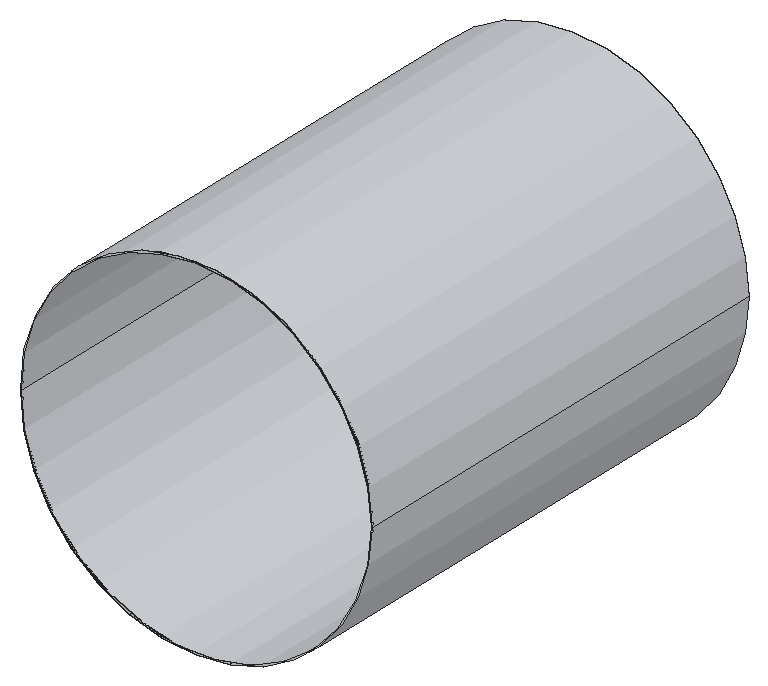
Revit family "LoadingAI_Opening_Horizontal", category Generic Models, Revit 2027
Family settings
  Can host rebar = No
  Round Connector Dimension = Use Diameter
  Part Type = Normal
  Work Plane-Based = No
  Always vertical = Yes
  Cut with Voids When Loaded = Yes
  Maintain Annotation Orientation = No
  Shared = No
  Room Calculation Point = No
Parameters (values of type "Circle")
  Width [instance] = 300 mm
  Rectangle = no
  Radius - 1mm [instance] = Radius - 1 mm  # 149 mm
  Radius [instance] = 150 mm
  Outer Width [instance] = 300 mm
  Outer Height [instance] = 300 mm
  OP_WidthMm [instance] = ""
  OP_SourceId [instance] = ""
  OP_Shape [instance] = ""
  OP_Key [instance] = ""
  OP_HostLinked [instance] = ""
  OP_HostId [instance] = ""
  OP_HeightMm [instance] = ""
  OP_DepthMm [instance] = ""
  Model = ""
  Height [instance] = 300 mm
  Depth [instance] = 400 mm
  Default Elevation = 0 mm
  Circle = yes
Types (2, lengths in mm): name | Rectangle | Circle
  Rectangle | yes | no
  Circle | no | yes
Reference planes
  plane 1 "Center (Front/Back)": y = 0
  plane 2 "Bottom": z = 0
  plane 3 "Center (Left/Right)": x = 0
  plane 4 "Top": z = 300
  plane 5: x = 150
  plane 6: x = -150
  plane 7 "Back": y = 200
  plane 8 "Front": y = -200
  plane 9: x = -150
  plane 10: x = 150
  plane 11: z = 300
  plane 12: z = 0
  plane 13: z = 0
Forms (mm)
  Extrusion 1, solid, visible <- "Rectangle"
    sketch origin (0, 0, 0) x (1, 0, 0) y (0, 0, 1)
      loop
        line (-150, 300) -> (-150, 0) -> (150, 0) -> (150, 300) -> (-150, 300)
      loop
        line (-149, 299) -> (-149, 1) -> (149, 1) -> (149, 299) -> (-149, 299)
    from 0 to 200
  Extrusion 2, solid, visible <- "Rectangle"
    sketch origin (0, 0, 0) x (1, 0, 0) y (0, 0, 1)
      loop
        line (-150, 300) -> (-150, 0) -> (150, 0) -> (150, 300) -> (-150, 300)
      loop
        line (-149, 299) -> (-149, 1) -> (149, 1) -> (149, 299) -> (-149, 299)
    from -200 to 0
  Extrusion 3, void
    sketch origin (0, 0, 0) x (1, 0, 0) y (0, 0, 1)
      loop
        line (-150, 300) -> (-150, 0) -> (150, 0) -> (150, 300) -> (-150, 300)
    from 0 to 200
  Extrusion 4, void
    sketch origin (0, 0, 0) x (1, 0, 0) y (0, 0, 1)
      loop
        line (-150, 300) -> (-150, 0) -> (150, 0) -> (150, 300) -> (-150, 300)
    from -200 to 0
  Extrusion 5, solid, visible <- "Circle"
    sketch origin (-508.989, -200, 0) x (-1, 0, 0) y (0, 0, 1)
      loop
        circle (-508.989, 150) r 150
      loop
        circle (-508.989, 150) r 149
    from 0 to 400
  Extrusion 6, void
    sketch origin (0, -200, 0) x (-1, 0, 0) y (0, 0, 1)
      loop
        circle (0, 150) r 150
    from 0 to 400
Lines and regions (mm)
  model lines
    curve 1: line (150, -200, 300) -> (-150, -200, 0)
    curve 2: line (-150, -200, 300) -> (150, -200, 0)
    curve 3: line (150, 200, 300) -> (-150, 200, 0)
    curve 4: line (-150, 200, 300) -> (150, 200, 0)
Dimensions and locks
  "Depth": plane 7 "Back" to plane 8 "Front"
  equal spacing: plane 6, plane 3 "Center (Left/Right)", plane 5
  "Width": plane 6 to plane 5
  equal spacing: plane 8 "Front", plane 1 "Center (Front/Back)", plane 7 "Back"
  "Height": plane 4 "Top" to plane 13
  "Outer Width": plane 10 to plane 9
  locked: Extrusion 1 sketch curve to Extrusion 1 sketch curve at 1  (x4)
  locked: Extrusion 2 sketch curve to Extrusion 2 sketch curve at 1  (x4)
  equal spacing: plane 10, plane 3 "Center (Left/Right)", plane 9
  "Outer Height": plane 11 to plane 12
  locked: Extrusion 5 sketch curve to level
  locked: Extrusion 5 sketch curve to level at 1
  "Radius": Extrusion 5 sketch curve to plane 3 "Center (Left/Right)"
  "Radius - 1mm": Extrusion 5 sketch curve to plane 3 "Center (Left/Right)"
  locked: Extrusion 6 sketch curve to level
  "Radius": radius of Extrusion 5 sketch curve
  "Radius - 1mm": radius of Extrusion 5 sketch curve
  "Radius": radius of Extrusion 6 sketch curve
  aligned and locked: level to plane 2 "Bottom"
  aligned and locked: Extrusion 1 to plane 8 "Front"
  aligned and locked: Extrusion 1 to plane 1 "Center (Front/Back)"
  aligned and locked: Extrusion 1 sketch curve to plane 4 "Top"
  aligned and locked: plane 6 to Extrusion 1 sketch curve
  aligned and locked: Extrusion 1 sketch curve to plane 5
  aligned and locked: plane 10 to Extrusion 2
  aligned and locked: Extrusion 2 to plane 9
  aligned and locked: Extrusion 2 to plane 7 "Back"
  aligned and locked: plane 1 "Center (Front/Back)" to Extrusion 2
  aligned and locked: plane 11 to Extrusion 2
  aligned and locked: Extrusion 4 to Extrusion 2
  aligned and locked: Extrusion 4 to plane 7 "Back"
  aligned and locked: Extrusion 3 to plane 8 "Front"
  aligned and locked: Extrusion 4 to plane 12
  aligned and locked: Extrusion 2 to Extrusion 4
  aligned and locked: Extrusion 3 to plane 13
  aligned and locked: Extrusion 1 to Extrusion 3
  aligned and locked: Extrusion 5 to plane 8 "Front"
  aligned and locked: Extrusion 5 to plane 7 "Back"
  aligned and locked: Extrusion 6 to plane 8 "Front"
  aligned and locked: Extrusion 6 to plane 7 "Back"
  aligned and locked: level to plane 13
  aligned and locked: level to plane 12
  aligned and locked: plane 13 to curve 1
  aligned and locked: plane 5 to curve 1
  aligned and locked: plane 4 "Top" to curve 2
  aligned and locked: plane 5 to curve 2
  aligned and locked: plane 12 to curve 4
  aligned and locked: plane 9 to curve 3
  aligned and locked: plane 11 to curve 3
  aligned and locked: plane 11 to curve 4
Automatic sketch dimensions
  Extrusion 3 sketch curve to level = 0 mm
  Extrusion 3 sketch curve to plane 6 = 0 mm
  Extrusion 3 sketch curve to plane 4 "Top" = 0 mm
  Extrusion 3 sketch curve to plane 5 = 0 mm
  Extrusion 4 sketch curve to level = 0 mm
  Extrusion 4 sketch curve to plane 9 = 0 mm
  Extrusion 4 sketch curve to plane 4 "Top" = 0 mm
  Extrusion 4 sketch curve to plane 10 = 0 mm
  Extrusion 2 sketch curve to level = 0 mm
  plane 6 to Extrusion 2 sketch curve = 0 mm
  Extrusion 2 sketch curve to plane 5 = 0 mm
  Extrusion 2 sketch curve to plane 4 "Top" = 0 mm
  Extrusion 1 sketch curve to level = 0 mm
  curve 4 to plane 9 = 0 mm
  curve 3 to plane 10 = 0 mm
  curve 4 to plane 10 = 0 mm
  curve 3 to level = 0 mm
  curve 2 to plane 6 = 0 mm
  curve 1 to plane 6 = 0 mm
  curve 2 to level = 0 mm
  curve 1 to plane 4 "Top" = 0 mm
  Extrusion 6 sketch curve to plane 3 "Center (Left/Right)" = 0 mm
